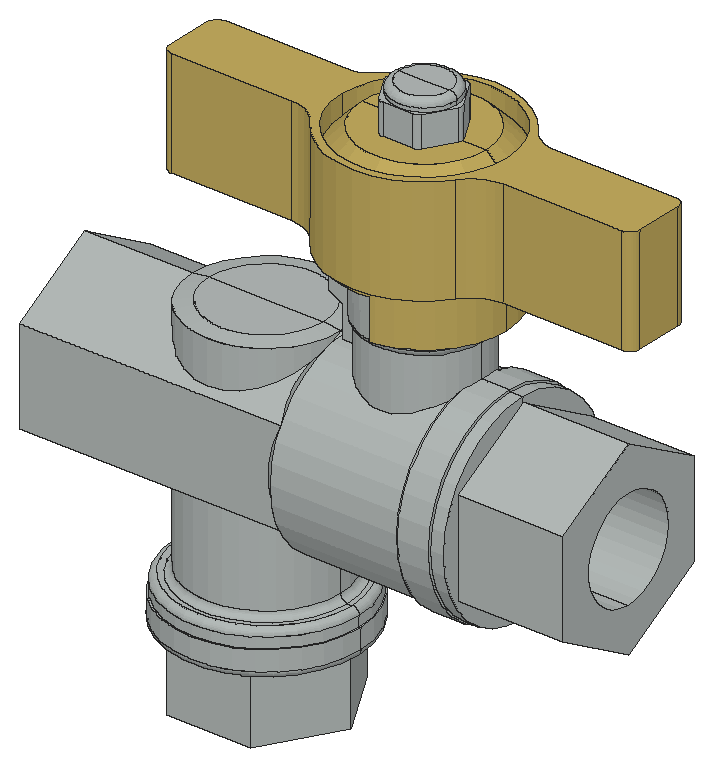
Revit family "QP11120000", category Apparecchi idraulici, Revit 2020
Family settings
  Quota connettore circolare = Usa diametro
  Tipo di parte = Normale
  Numero OmniClass = 23.45.00.00
  Titolo OmniClass = Sanitary, Laundry, and Cleaning Equipment
  Basato su piano di lavoro = No
  Sempre verticale = Sì
  Taglio con vuoti quando caricato = No
  Condiviso = No
  Punto di calcolo locali = No
Parameters
  URL = "https://web.cimberio.com/index.php/figura/590?subcategoria_id="
  Temperatura di esercizio = "-20 ÷ 60°C"
  Prospetto di default = 0 mm
  Produttore = "CIMBERIO SPA"
  Pressione nominale = "MOP 5"
  Modello = "Cim 620G"
  Materiale = "Prodotto in lega di ottone conforme alla norma EN 12165-CW617N-DW"
  Descrizione = "Utilizzato nell’impiantistica distributiva di gas a bassa pressione per le categorie:\r\nGas naturali: gas derivati dal petrolio (Metano) e gas di ricambio.\r\nGas di città: prodotti secondo i diversi procedimenti (Cracking - Cokerie - ecc.).\r\nGas liquidi: propano e miscele di gas propano/butano.\r\nProtegge e risolve le problematiche di installazione nella filtrazione dei gas, trattenendo impurità, sabbia, ruggine, trucioli metallici presenti nelle condutture, assicurando così una protezione totale all’impianto."
  DN Model [instance] = QP11121015 : QP11121015
  DN [instance] = 15 mm
  Commenti sul tipo = "Realizzato in ottemperanza ai requisiti gestionali della norma EN ISO 9001.\r\nCollaudato al 100% secondo la normativa EN 12266-1"
Reference planes
  plane 1 "Centro (Fronte/Retro)": y = 0
  plane 2: z = 0
  plane 3 "Centro (Sinistra/Destra)": x = 0
Dimensions and locks
  aligned and locked: level to plane 2
Nested families
  nested 1: "QP11121015" at (0, 0, 0), type <- "DN Model", type "QP11121015"
  nested 2: "QP11121015" at (0, 0, 0), type <- "DN Model", type "QP11121015"
  nested 3: "QP11121015" at (0, 0, 0), type <- "DN Model", type "QP11121015"
Connectors
  piping at (30.3, 0, 0), diameter 15, driven by "DN"
    settings: on nested 1, index 1, connector inside diameter 609.6 mm, connector length 0 mm, flow factor 0, pipe flow 0.0 L/s, pressure drop 0.0 Pa, fitting loss kfactor 0, connector angle 0.00°, fixture units 0, engagement length 0 mm, angle of deflection 0.00°, flow configuration 0, flow direction 0, fitting loss method 0, system type 7, joint type 0, gender type 0, connector reference index -1, connector utility 0, adjustable connector no, is connector primary yes, connector description ""
  piping at (-50.5, 0, 0), diameter 15, driven by "DN"
    settings: on nested 1, index 2, connector inside diameter 609.6 mm, connector length 0 mm, flow factor 0, pipe flow 0.0 L/s, pressure drop 0.0 Pa, fitting loss kfactor 0, connector angle 0.00°, fixture units 0, engagement length 0 mm, angle of deflection 0.00°, flow configuration 0, flow direction 0, fitting loss method 0, system type 7, joint type 0, gender type 0, connector reference index -1, connector utility 0, adjustable connector no, is connector primary no, connector description ""
Definition of nested family "QP11121015"
  Parameters (values of type "QP11121015")
    Default Elevation = 0 mm
  Reference planes
    plane 1 "Centro (Fronte/Retro)": y = 0
    plane 2: z = 0
    plane 3 "Centro (Sinistra/Destra)": x = 0
  Forms (mm)
    Extrusion 1, solid
      sketch origin (0, 0, 0) x (0, 0, -1) y (0, 1, 0)
        loop
          circle (0, 0) r 7.5
        loop
          line (-14, 0) -> (-7, -12.124) -> (7, -12.124) -> (14, 0) -> (7, 12.124) -> (-7, 12.124) -> (-14, 0)
      from -50.5 to -11
    Extrusion 2, solid
      sketch origin (0, 0, 0) x (0, 0, 1) y (0, -1, 0)
        loop
          circle (0, 0) r 7.5
        loop
          line (14.05, 0) -> (7.025, 12.168) -> (-7.025, 12.168) -> (-14.05, 0) -> (-7.025, -12.168) -> (7.025, -12.168) -> (14.05, 0)
      from 14.6 to 30.3
    Revolve 3, solid
      sketch origin (0, 0, 2.5) x (1, 0, 0) y (0, 0, 1)
        loop
          line (0, 43.3) -> (-9.25, 43.3) -> (-12.25, 40.3) -> (-12.25, 20.3) -> (-7.802, 20.3) -> (-7.802, 39.889) -> (0, 39.889) -> (0, 43.3)
        axis (0, 43.3) -> (0, 20.3)
      angle from 0 to 360
    Extrusion 4, void
      sketch origin (0, 0, 0) x (1, 0, 0) y (0, 1, 0)
        loop
          arc (-12.226, -0.772) -> (-7.782, -9.46) -> (1.6, -12.145) r 12.25
          line (1.6, -12.145) -> (1.6, -7.898)
          arc (1.6, -7.898) -> (-2.859, -5.409) -> (-4.999, -0.772) r 8.25
          line (-4.999, -0.772) -> (-12.226, -0.772)
      from 21.96 to 28.8
    Extrusion 5, solid
      sketch origin (-0.001, 0, 0) x (1, -0.000098, 0) y (0.000098, 1, 0)
        loop
          arc (-2.307, 5) -> (-2.809, 4.865) -> (-3.177, 4.498) r 1.004
          line (-3.177, 4.498) -> (-5.487, 0.496)
          arc (-5.487, 0.496) -> (-5.62, 0) -> (-5.487, -0.496) r 0.992
          line (-5.487, -0.496) -> (-3.188, -4.478)
          arc (-3.188, -4.478) -> (-2.806, -4.86) -> (-2.284, -5) r 1.043
          line (-2.284, -5) -> (2.288, -5)
          arc (2.288, -5) -> (2.806, -4.861) -> (3.186, -4.481) r 1.038
          line (3.186, -4.481) -> (5.496, -0.481)
          arc (5.496, -0.481) -> (5.625, 0) -> (5.496, 0.481) r 0.963
          line (5.496, 0.481) -> (3.176, 4.499)
          arc (3.176, 4.499) -> (2.809, 4.866) -> (2.309, 5) r 1.001
          line (2.309, 5) -> (-2.307, 5)
      from 45.8 to 50.3
    Revolve 6, solid
      sketch origin (0, 0, 0) x (1, 0, 0) y (0, 0, 1)
        loop
          line (0, 51.8) -> (0, 49.926) -> (4.75, 49.926) -> (4.75, 50.8)
          arc (4.75, 50.8) -> (4.457, 51.507) -> (3.75, 51.8) r 1
          line (3.75, 51.8) -> (0, 51.8)
        axis (0, 51.8) -> (0, 49.926)
      angle from 0 to 360
    Revolve 7, solid
      sketch origin (0, 0, 0) x (1, 0, 0) y (0, 0, 1)
        loop
          line (0.067, 27.3) -> (-9, 27.3) -> (-8.874, 20.742)
          arc (-8.874, 20.742) -> (-8.731, 20.295) -> (-8.367, 20) r 0.819
          line (-8.367, 20) -> (-8.367, 7.3) -> (0.067, 7.3) -> (0.067, 27.3)
        axis (0.067, 7.3) -> (0.067, 27.3)
      angle from 0 to 360
    Revolve 8, solid
      sketch origin (0, 0, 0) x (1, 0, 0) y (0, 0, 1)
        loop
          line (12.6, -7.5) -> (-13.15, -7.5) -> (-13.15, -12.65) -> (-11.5, -14.3) -> (7.5, -14.3)
          arc (7.5, -14.3) -> (7.635, -14.732) -> (8, -15) r 0.726
          line (8, -15) -> (12.6, -15) -> (12.6, -7.5)
        axis (12.6, 0) -> (-13.15, 0)
      angle from 0 to 360
    Revolve 9, solid
      sketch origin (0, 0, 0) x (1, 0, 0) y (0, 0, 1)
        loop
          line (12.6, 14.75) -> (12.6, 7.5) -> (14.6, 7.5) -> (14.6, 14.75) -> (12.6, 14.75)
        axis (12.6, 0) -> (14.6, 0)
      angle from 0 to 360
    Extrusion 10, solid
      sketch origin (0, 0, 0) x (1, 0, 0) y (0, 0, 1)
        loop
          line (-13, 26.3) -> (-13, 20) -> (-11, 18.845) -> (-11, 12.307) -> (-7.367, 12.307) -> (-7.367, 26.3) -> (-13, 26.3)
      from 0 to 1.5
    Extrusion 11, solid
      sketch origin (0, 0, 0) x (1, 0, 0) y (0, 1, 0)
        loop
          arc (-35.09, -3.542) -> (-34.65, -4.602) -> (-33.59, -5.042) r 1.5
          line (-33.59, -5.042) -> (-15.887, -5.042)
          arc (-15.887, -5.042) -> (-13.11, -5.723) -> (-10.963, -7.613) r 6
          arc (-10.963, -7.613) -> (-0.09, -13.292) -> (10.784, -7.613) r 13.25
          arc (10.784, -7.613) -> (12.93, -5.723) -> (15.708, -5.042) r 6
          line (15.708, -5.042) -> (33.41, -5.042)
          arc (33.41, -5.042) -> (34.471, -4.602) -> (34.91, -3.542) r 1.5
          line (34.91, -3.542) -> (34.91, 3.458)
          arc (34.91, 3.458) -> (34.471, 4.519) -> (33.41, 4.958) r 1.5
          line (33.41, 4.958) -> (15.708, 4.958)
          arc (15.708, 4.958) -> (12.93, 5.64) -> (10.784, 7.53) r 6
          arc (10.784, 7.53) -> (-0.09, 13.208) -> (-10.963, 7.53) r 13.25
          arc (-10.963, 7.53) -> (-13.11, 5.64) -> (-15.887, 4.958) r 6
          line (-15.887, 4.958) -> (-33.59, 4.958)
          arc (-33.59, 4.958) -> (-34.65, 4.519) -> (-35.09, 3.458) r 1.5
          line (-35.09, 3.458) -> (-35.09, -3.542)
        loop
          circle (0, 0) r 12.25
      from 29.84 to 45.713
    Revolve 12, solid
      sketch origin (0, 0, 0) x (1, 0, 0) y (0, 0, 1)
        loop
          line (-37.5, -24.428) -> (-37.5, -27.428)
          arc (-37.5, -27.428) -> (-37.207, -28.135) -> (-36.5, -28.428) r 1
          line (-36.5, -28.428) -> (-31, -28.428) -> (-31, -24.428) -> (-37.5, -24.428)
        axis (-23.5, -28.428) -> (-23.5, -24.428)
      angle from 0 to 360
    Revolve 13, solid
      sketch origin (0, 0, 0) x (1, 0, 0) y (0, 0, 1)
        loop
          line (-31, -21.928) -> (-36.25, -21.928)
          arc (-36.25, -21.928) -> (-36.957, -22.221) -> (-37.25, -22.928) r 1
          line (-37.25, -22.928) -> (-37.25, -24.428) -> (-31, -24.428) -> (-31, -21.928)
        axis (-23.5, -24.428) -> (-23.5, -21.928)
      angle from 0 to 360
    Revolve 14, solid
      sketch origin (0, 0, 0) x (1, 0, 0) y (0, 0, 1)
        loop
          line (-31, -21.928) -> (-31, 11.872) -> (-23.5, 11.872) -> (-23.5, 14.372) -> (-32, 14.372)
          arc (-32, 14.372) -> (-33.259, 14.247) -> (-34.5, 14) r 13.001
          line (-34.5, 14) -> (-34.5, -20.928)
          arc (-34.5, -20.928) -> (-34.793, -21.635) -> (-35.5, -21.928) r 1
          line (-35.5, -21.928) -> (-31, -21.928)
        axis (-23.5, -21.928) -> (-23.5, 14.372)
      angle from 0 to 360
    Extrusion 15, solid
      sketch origin (-23.5, 0, -24.428) x (0, 1, 0) y (1, 0, 0)
        loop
          circle (0, 0) r 7.5
        loop
          line (0, 12.5) -> (-10.825, 6.25) -> (-10.825, -6.25) -> (0, -12.5) -> (10.825, -6.25) -> (10.825, 6.25) -> (0, 12.5)
      from 3 to 14
  Cuts and joins
    Extrusion 4 cuts Revolve 3
    joined: Revolve 7, Revolve 8
    joined: Extrusion 1, Revolve 14
  Dimensions and locks
    aligned and locked: level to plane 2
